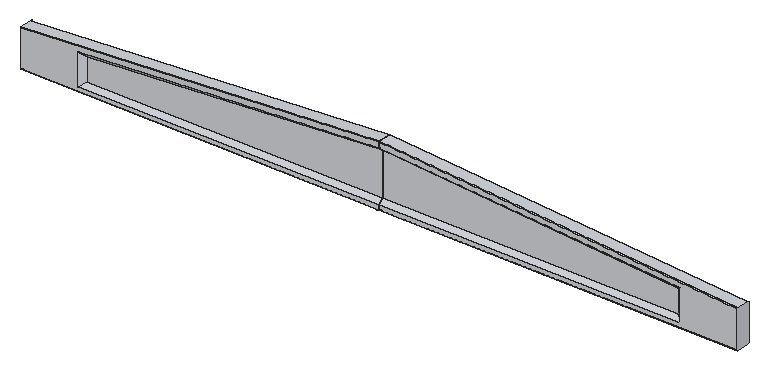
Revit family "SIB_Precast-Beam with Slope_Spæncom", category Structural Framing, Revit 2014
Parameters (values of type "SIB 24/108")
  Model = "SIB 24/108"
  Mirror thickness = 80 mm
  Manufacturer = "Spæncom"
  Length to KIP [instance] = 6500 mm
  Width Element = 240 mm
  Structural Material [instance] = (empty or 0)
  RB-Profile min. 1000mm [instance] = 1000 mm
  Mirror top RB = 100 mm
  Mirror top IB = 80 mm
  Mirror base RB = 80 mm
  Mirror base IB = 80 mm
  Mirror Depth end = 100 mm
  Length [instance] = 13000 mm
  Height RB right [instance] = 663.342 mm
  Height RB left [instance] = 663.342 mm
  Height KIP = 1080 mm
Types (22, lengths in mm): name | Model | Mirror thickness | Width Element | Mirror top RB | Mirror top IB | Mirror base IB | Mirror Depth end | Height RB right | Height RB left | Height KIP
  (no name) | "SIB 24/108" | 80 | 240 | 100 | 80 | 80 | 100 | 663.342 | 663.342 | 1080
  SIB 24/108 | "SIB 24/108" | 80 | 240 | 100 | 80 | 80 | 100 | 663.342 | 663.342 | 1080
  SIB24/72 | "SIB 24/72" | 80 | 240 | 100 | 80 | 80 | 80 | 303.342 | 303.342 | 720
  SIB24/84 | "SIB 24/84" | 80 | 240 | 100 | 80 | 80 | 80 | 423.342 | 423.342 | 840
  SIB24/96 | "SIB24/96" | 80 | 240 | 100 | 80 | 80 | 80 | 543.342 | 543.342 | 960
  SIB30/108 | "SIB 30/108" | 80 | 300 | 140 | 80 | 110 | 110 | 663.342 | 663.342 | 1080
  SIB30/120 | "SIB 30/120" | 80 | 300 | 140 | 80 | 110 | 110 | 783.342 | 783.342 | 1200
  SIB30/132 | "SIB 30/132" | 80 | 300 | 140 | 80 | 110 | 110 | 903.342 | 903.342 | 1320
  SIB30/144 | "SIB 30/144" | 80 | 300 | 140 | 80 | 110 | 110 | 1023.342 | 1023.342 | 1440
  SIB36/108 | "SIB 36/108" | 140 | 360 | 140 | 80 | 110 | 110 | 663.342 | 663.342 | 1080
  SIB36/120 | "SIB 36/120" | 140 | 360 | 140 | 80 | 110 | 110 | 783.342 | 783.342 | 1200
  SIB36/132 | "SIB 36/132" | 140 | 360 | 140 | 80 | 110 | 110 | 903.342 | 903.342 | 1320
  SIB36/144 | "SIB 36/144" | 140 | 360 | 140 | 80 | 110 | 110 | 1023.342 | 1023.342 | 1440
  SIB36/156 | "SIB 36/156" | 140 | 360 | 140 | 80 | 110 | 110 | 1143.342 | 1143.342 | 1560
  SIB42/144 | "SIB 42/144" | 80 | 420 | 120 | 100 | 170 | 110 | 1023.342 | 1023.342 | 1440
  SIB42/156 | "SIB 42/156" | 80 | 420 | 120 | 100 | 170 | 110 | 1143.342 | 1143.342 | 1560
  SIB42/168 | "SIB 42/168" | 80 | 420 | 120 | 100 | 170 | 110 | 1263.342 | 1263.342 | 1680
  SIB42/180 | "SIB 42/180" | 80 | 420 | 120 | 100 | 170 | 110 | 1383.342 | 1383.342 | 1800
  SIB42/192 | "SIB 42/192" | 80 | 420 | 120 | 100 | 170 | 110 | 1503.342 | 1503.342 | 1920
  SIB42/204 | "SIB 42/204" | 80 | 420 | 120 | 100 | 170 | 110 | 1623.342 | 1623.342 | 2040
  SIB42/216 | "SIB 42/216" | 80 | 420 | 120 | 100 | 170 | 110 | 1743.342 | 1743.342 | 2160
  SIB42/228 | "SIB 42/228" | 80 | 420 | 120 | 100 | 170 | 110 | 1863.342 | 1863.342 | 2280
Reference planes
  plane 1 "Center (Front/Back)": y = 0
  plane 2 "Center Elevation": z = 0
  plane 3 "Center (Left/Right)": x = 0
  plane 4 "Left": x = -6500
  plane 5 "Member Left": x = -6250
  plane 6 "Stick Symbol Left": x = -6000
  plane 7 "Right": x = 6500
  plane 8 "Member Right": x = 6250
  plane 9 "Stick Symbol Right": x = 6000
  plane 10: z = -540
  plane 11: z = 540
  plane 12: y = -120
  plane 13: y = 120
  plane 14: x = 0
Forms (mm)
  Extrusion 1, solid
    sketch origin (-200, 0, 0) x (1, 0, 0) y (0, 0, 1)
      loop
        line (200, -540) -> (6450, -540) -> (6450, 123.342) -> (200, 540) -> (200, -540)
    from -120 to 120
  Extrusion 2, solid
    sketch origin (160, 0, 0) x (-1, 0, 0) y (0, 0, -1)
      loop
        line (160, 540) -> (160, -540) -> (6410, -123.342) -> (6410, 540) -> (160, 540)
    from -120 to 120
  Extrusion 3, void
    sketch origin (6500, 0, 0) x (0, -1, 0) y (0, 0, 1)
      loop
        line (120, -540) -> (120, -530) -> (110, -540) -> (120, -540)
    from 250 to 6500
  Extrusion 4, void
    sketch origin (6500, 0, 0) x (0, -1, 0) y (0, 0, 1)
      loop
        line (-110, -540) -> (-120, -530) -> (-120, -540) -> (-110, -540)
    from 250 to 6500
  Extrusion 5, void
    sketch origin (-6500, 0, 0) x (0, -1, 0) y (0, 0, 1)
      loop
        line (-120, -540) -> (-110, -540) -> (-120, -530) -> (-120, -540)
    from -250 to -6500
  Extrusion 6, void
    sketch origin (-6500, 0, 0) x (0, -1, 0) y (0, 0, 1)
      loop
        line (110, -540) -> (120, -540) -> (120, -530) -> (110, -540)
    from -250 to -6500
  Sweep 7, void
    path in 3D
      loop
        line (-6250, 120, 123.342) -> (0, 120, 540) -> (7084.275, 120, 67.724)
    profile origin (-3125, 120, 331.671) x (0.066518, 0, -0.997785) y (0, 1, 0)
      loop
        line (0, 0) -> (0, -10) -> (10, 0) -> (0, 0)
  Sweep 8, void
    path in 3D
      loop
        line (6250, -120, 123.342) -> (0, -120, 540) -> (-6250, -120, 123.342)
    profile origin (-3125, -120, 331.671) x (0.066518, 0, -0.997785) y (0, -1, 0)
      loop
        line (0, 0) -> (0, -10) -> (10, 0) -> (0, 0)
  Blend 9, void
    base sketch origin (0, 0, 0) x (1, 0, 0) y (0, 0, 1)
      loop
        line (0, 359.6) -> (-5150, 16.274) -> (-5150, -380) -> (0, -380) -> (0, 359.6)
    top sketch origin (0, 0, 0) x (1, 0, 0) y (0, 0, 1)
      loop
        line (0, 439.778) -> (-5250, 89.785) -> (-5250, -460) -> (0, -460) -> (0, 439.778)
    from 40 to 120
  Blend 10, void
    base sketch origin (0, 0, 0) x (-1, 0, 0) y (0, 0, -1)
      loop
        line (0, -359.6) -> (0, 380) -> (-5150, 380) -> (-5150, -16.274) -> (0, -359.6)
    top sketch origin (0, 0, 0) x (-1, 0, 0) y (0, 0, -1)
      loop
        line (0, -439.778) -> (0, 460) -> (-5250, 460) -> (-5250, -89.785) -> (0, -439.778)
    from 40 to 120
  Blend 11, void
    base sketch origin (0, 0, 0) x (1, 0, 0) y (0, 0, -1)
      loop
        line (0, -359.6) -> (0, 380) -> (-5150, 380) -> (-5150, -16.274) -> (0, -359.6)
    top sketch origin (0, 0, 0) x (1, 0, 0) y (0, 0, -1)
      loop
        line (0, -439.778) -> (0, 460) -> (-5250, 460) -> (-5250, -89.785) -> (0, -439.778)
    from 40 to 120
  Blend 12, void
    base sketch origin (0, 0, 0) x (-1, 0, 0) y (0, 0, 1)
      loop
        line (0, 359.6) -> (-5150, 16.274) -> (-5150, -380) -> (0, -380) -> (0, 359.6)
    top sketch origin (0, 0, 0) x (-1, 0, 0) y (0, 0, 1)
      loop
        line (0, 439.778) -> (-5250, 89.785) -> (-5250, -460) -> (0, -460) -> (0, 439.778)
    from 40 to 120
Cuts and joins
  Extrusion 3, Extrusion 4, Sweep 7, Sweep 8, Blend 10, Blend 12 cuts Extrusion 1
  Extrusion 5, Extrusion 6, Sweep 7, Sweep 8, Blend 9, Blend 10, Blend 11 cuts Extrusion 2
Lines and regions (mm)
  sketch lines
    curve 1: line (-6250, 120, 123.342) -> (0, 120, 540)
    curve 2: line (0, -120, 540) -> (-6250, -120, 123.342)
    curve 3: line (6250, -120, 123.342) -> (0, -120, 540)
    curve 4: line (0, 120, 540) -> (7084.275, 120, 67.724)
Dimensions and locks
  "Length": plane 4 "Left" to plane 7 "Right"
  "Height KIP": Extrusion 1 sketch curve to Extrusion 1 sketch curve
  Extrusion 1 sketch curve to Extrusion 1 sketch curve = 1080 mm
  Extrusion 1 to Extrusion 1 = 240 mm
  "Width Element": Extrusion 1 to Extrusion 1
  "Width Element": Extrusion 2 to Extrusion 2
  "Height KIP": Extrusion 2 sketch curve to Extrusion 2 sketch curve
  Extrusion 2 sketch curve to Extrusion 2 sketch curve = 1080 mm
  equal spacing: plane 11, plane 2 "Center Elevation", plane 10
  "Height KIP": plane 11 to plane 10
  "Height RB left": Extrusion 2 to Extrusion 2
  "Height RB right": Extrusion 1 to plane 10
  "Length to KIP": plane 14 to plane 7 "Right"
  "Mirror top RB": cut or joined group of Extrusion 2, Extrusion 5, Extrusion 6, Sweep 7, Sweep 8, Blend 9, Blend 10, Blend 11 to Blend 9 sketch curve
  "RB-Profile min. 1000mm": plane 5 "Member Left" to Blend 9 sketch curve
  "Mirror base RB": Blend 9 sketch curve to cut or joined group of Extrusion 2, Extrusion 5, Extrusion 6, Sweep 7, Sweep 8, Blend 9, Blend 10, Blend 11
  "Mirror top IB": var sketch to Blend 9 sketch curve
  "Mirror base IB": Blend 9 sketch curve to var sketch
  "Mirror Depth end": var sketch to Blend 9 sketch curve
  "RB-Profile min. 1000mm": cut or joined group of Extrusion 1, Extrusion 3, Extrusion 4, Sweep 7, Sweep 8, Blend 10, Blend 12 to Blend 10 sketch curve
  "Mirror top RB": cut or joined group of Extrusion 1, Extrusion 3, Extrusion 4, Sweep 7, Sweep 8, Blend 10, Blend 12 to Blend 10 sketch curve
  "Mirror base RB": Blend 10 sketch curve to cut or joined group of Extrusion 1, Extrusion 3, Extrusion 4, Sweep 7, Sweep 8, Blend 10, Blend 12
  "Mirror Depth end": Blend 10 sketch curve to var sketch
  "Mirror top IB": Blend 10 sketch curve to var sketch
  "Mirror base IB": Blend 10 sketch curve to var sketch
  "Mirror top RB": cut or joined group of Extrusion 1, Extrusion 3, Extrusion 4, Sweep 7, Sweep 8, Blend 10, Blend 12 to Blend 12 sketch curve
  "RB-Profile min. 1000mm": cut or joined group of Extrusion 1, Extrusion 3, Extrusion 4, Sweep 7, Sweep 8, Blend 10, Blend 12 to Blend 12 sketch curve
  "Mirror base RB": cut or joined group of Extrusion 1, Extrusion 3, Extrusion 4, Sweep 7, Sweep 8, Blend 10, Blend 12 to Blend 12 sketch curve
  "Mirror top IB": var sketch to Blend 12 sketch curve
  "Mirror base IB": var sketch to Blend 12 sketch curve
  "Mirror Depth end": var sketch to Blend 12 sketch curve
  "RB-Profile min. 1000mm": Blend 11 sketch curve to cut or joined group of Extrusion 2, Extrusion 5, Extrusion 6, Sweep 7, Sweep 8, Blend 9, Blend 10, Blend 11
  "Mirror top RB": cut or joined group of Extrusion 2, Extrusion 5, Extrusion 6, Sweep 7, Sweep 8, Blend 9, Blend 10, Blend 11 to Blend 11 sketch curve
  "Mirror base RB": cut or joined group of Extrusion 2, Extrusion 5, Extrusion 6, Sweep 7, Sweep 8, Blend 9, Blend 10, Blend 11 to Blend 11 sketch curve
  "Mirror top IB": Blend 11 sketch curve to var sketch
  "Mirror base IB": var sketch to Blend 11 sketch curve
  "Mirror Depth end": Blend 11 sketch curve to var sketch
  equal spacing: plane 12, plane 1 "Center (Front/Back)", plane 13
  "Width Element": plane 13 to plane 12
  equal spacing: plane 13, plane 1 "Center (Front/Back)", plane 12
  equal spacing: cut or joined group of Extrusion 1, Extrusion 3, Extrusion 4, Sweep 7, Sweep 8, Blend 10, Blend 12, plane 1 "Center (Front/Back)", cut or joined group of Extrusion 1, Extrusion 3, Extrusion 4, Sweep 7, Sweep 8, Blend 10, Blend 12
  "Mirror thickness": cut or joined group of Extrusion 2, Extrusion 5, Extrusion 6, Sweep 7, Sweep 8, Blend 9, Blend 10, Blend 11 to cut or joined group of Extrusion 2, Extrusion 5, Extrusion 6, Sweep 7, Sweep 8, Blend 9, Blend 10, Blend 11
  equal spacing: cut or joined group of Extrusion 2, Extrusion 5, Extrusion 6, Sweep 7, Sweep 8, Blend 9, Blend 10, Blend 11, plane 1 "Center (Front/Back)", cut or joined group of Extrusion 2, Extrusion 5, Extrusion 6, Sweep 7, Sweep 8, Blend 9, Blend 10, Blend 11
  "Mirror thickness": cut or joined group of Extrusion 1, Extrusion 3, Extrusion 4, Sweep 7, Sweep 8, Blend 10, Blend 12 to cut or joined group of Extrusion 1, Extrusion 3, Extrusion 4, Sweep 7, Sweep 8, Blend 10, Blend 12
  equal spacing: cut or joined group of Extrusion 1, Extrusion 3, Extrusion 4, Sweep 7, Sweep 8, Blend 10, Blend 12, plane 1 "Center (Front/Back)", cut or joined group of Extrusion 2, Extrusion 5, Extrusion 6, Sweep 7, Sweep 8, Blend 9, Blend 10, Blend 11
  locked: Extrusion 1 sketch curve to Extrusion 1 sketch curve (angle 93.814°)
  locked: Extrusion 2 sketch curve to Extrusion 1 (angle 86.186°)
  locked: Extrusion 2 sketch curve to Extrusion 2 sketch curve (angle 93.814°)
  locked: Extrusion 1 sketch curve to Extrusion 1 sketch curve (angle 86.186°)
  aligned and locked: level to plane 2 "Center Elevation"
  aligned and locked: plane 14 to Extrusion 2
  aligned and locked: plane 14 to Extrusion 1
  aligned and locked: plane 14 to cut or joined group of Extrusion 1, Extrusion 3, Extrusion 4, Sweep 7, Sweep 8, Blend 10, Blend 12  (x2)
  aligned and locked: Extrusion 1 to Extrusion 3  (x2)
  aligned and locked: Extrusion 1 to Extrusion 4  (x2)
  aligned and locked: Extrusion 4 to Extrusion 1
  aligned and locked: Extrusion 4 to plane 8 "Member Right"
  aligned and locked: Extrusion 6 to Extrusion 2
  aligned and locked: Extrusion 2 to Extrusion 6  (x2)
  aligned and locked: Extrusion 2 to Extrusion 5
  aligned and locked: Extrusion 5 to Extrusion 2  (x2)
  aligned and locked: plane 5 "Member Left" to Extrusion 5
  aligned and locked: plane 5 "Member Left" to Extrusion 6
  aligned and locked: cut or joined group of Extrusion 2, Extrusion 5, Extrusion 6, Sweep 7, Sweep 8, Blend 9, Blend 10, Blend 11 to plane 14  (x2)
  aligned and locked: Extrusion 2 to Blend 9
  aligned and locked: Blend 9 sketch curve to plane 14  (x2)
  aligned and locked: Blend 10 sketch curve to plane 14  (x2)
  aligned and locked: Blend 10 to Extrusion 1
  aligned and locked: Extrusion 1 to Blend 12
  aligned and locked: Blend 11 to Extrusion 2
  aligned and locked: plane 14 to Blend 12 sketch curve  (x2)
  aligned and locked: plane 14 to Blend 11 sketch curve  (x2)
  aligned and locked: plane 13 to cut or joined group of Extrusion 2, Extrusion 5, Extrusion 6, Sweep 7, Sweep 8, Blend 9, Blend 10, Blend 11
  aligned and locked: plane 12 to cut or joined group of Extrusion 2, Extrusion 5, Extrusion 6, Sweep 7, Sweep 8, Blend 9, Blend 10, Blend 11  (x2)
  aligned and locked: plane 12 to cut or joined group of Extrusion 1, Extrusion 3, Extrusion 4, Sweep 7, Sweep 8, Blend 10, Blend 12
  aligned and locked: plane 13 to cut or joined group of Extrusion 1, Extrusion 3, Extrusion 4, Sweep 7, Sweep 8, Blend 10, Blend 12  (x2)
  aligned and locked: plane 5 "Member Left" to cut or joined group of Extrusion 2, Extrusion 5, Extrusion 6, Sweep 7, Sweep 8, Blend 9, Blend 10, Blend 11
  aligned and locked: plane 8 "Member Right" to cut or joined group of Extrusion 1, Extrusion 3, Extrusion 4, Sweep 7, Sweep 8, Blend 10, Blend 12
  aligned and locked: Extrusion 3 to plane 8 "Member Right"
  aligned and locked: Extrusion 6 to plane 10
  aligned and locked: Extrusion 5 to plane 10
  aligned and locked: Extrusion 3 to plane 10
  aligned and locked: Extrusion 4 to plane 10
  aligned and locked: plane 10 to Extrusion 1 sketch curve
  aligned and locked: Extrusion 2 sketch curve to plane 10
Automatic sketch dimensions
  Extrusion 1 sketch curve to plane 3 "Center (Left/Right)" = 0 mm
  plane 8 "Member Right" to Extrusion 1 sketch curve = 0 mm
  Extrusion 2 sketch curve to plane 3 "Center (Left/Right)" = 0 mm
  plane 5 "Member Left" to Extrusion 2 sketch curve = 0 mm
  Extrusion 3 sketch curve to plane 10 = 0 mm
  Extrusion 3 sketch curve to plane 12 = 0 mm
  Extrusion 3 sketch curve to Extrusion 3 sketch curve = 10 mm  (x2)
  Extrusion 4 sketch curve to plane 13 = 0 mm
  Extrusion 4 sketch curve to plane 10 = 0 mm
  Extrusion 4 sketch curve to plane 13 = 10 mm
  Extrusion 4 sketch curve to Extrusion 4 sketch curve = 10 mm
  Extrusion 5 sketch curve to plane 13 = 0 mm
  Extrusion 5 sketch curve to plane 10 = 0 mm
  Extrusion 5 sketch curve to plane 13 = 10 mm
  Extrusion 5 sketch curve to Extrusion 5 sketch curve = 10 mm
  Extrusion 6 sketch curve to plane 10 = 0 mm
  Extrusion 6 sketch curve to plane 12 = 0 mm
  Extrusion 6 sketch curve to Extrusion 6 sketch curve = 10 mm  (x2)
  Sweep 7 sketch curve to profile plane = 0 mm  (x2)
  Sweep 7 sketch curve to Sweep 7 sketch curve = 10 mm
  Sweep 7 sketch curve to profile plane = 10 mm
  Sweep 8 sketch curve to profile plane = 0 mm  (x2)
  Sweep 8 sketch curve to Sweep 8 sketch curve = 10 mm  (x2)
